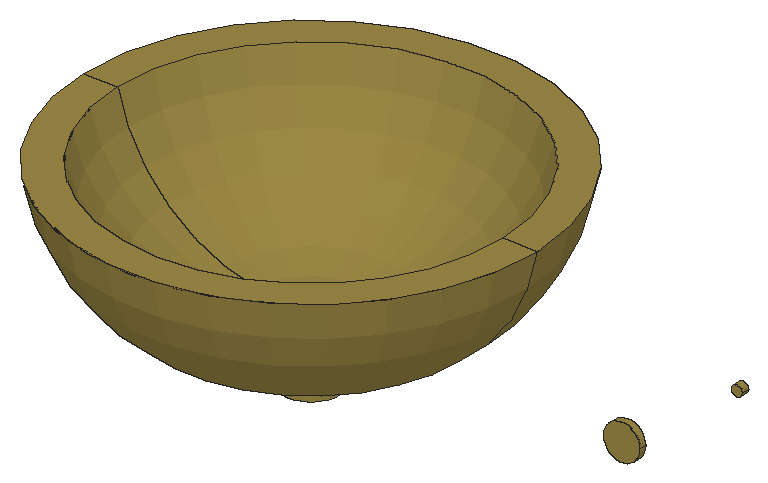
Revit family "Lavatory-Vessel_Transitional_LT162_TOTO", category Plumbing Fixtures, Revit 2013
Parameters (values of type "LT162")
  ecoScorecard_data = "http://toto.ecoscorecard.com/product/LT162"
  ecoScorecard Product Page = "http://toto.ecoscorecard.com/product/LT162"
  Width = 15 3/4"
  Waste Connection NPT Radius = 5/8"
  Waste Connection = yes
  Warranty URL = "http://www.totousa.com/warranty-registration"
  Warranty = "One Year Limited Warranty"  # constant formula
  WFU = 0
  URL = "http://www.totousa.com"
  Toto BIM Number = "BM-00024"  # constant formula
  Subcategory = "Lavatories"  # constant formula
  Style = "Transitional"  # constant formula
  Spec Sheet URL = "http://assets.totousa.com/product-files/SS-00413_LT162.pdf"
  Sink Type = "Lavatory"  # constant formula
  Sink Configuration = "Single Sink"  # constant formula
  Shipping Weight = 22.00 lbf
  Series = "Waza"  # constant formula
  SanoGloss Available = no
  Sanitary Connetor = "Sanitary Connection"  # constant formula
  Product Page URL = " "
  Parts Manual URL = " "
  Mounting = "Vessel"  # constant formula
  Model = "LT162"
  Material = "Fired Clay"  # constant formula
  Manufacturer Toll Free Phone = "1-888-295-8134"  # constant formula
  Manufacturer Phone = "(770) 282-8686"  # constant formula
  Manufacturer Fax = "(770) 282-0002"  # constant formula
  Manufacturer Email = "mailto:custservice@totousa.com"
  Manufacturer Address = "1155 Southern Road, Morrow, Georgia 30260"  # constant formula
  Manufacturer = "TOTO USA, Inc."  # constant formula
  Installation URL = " "
  Industry Standards = "Meets and exceeds ASME A112.19.2/CSA B45.1"  # constant formula
  Hot Water Connector = "Hot Water Connection"  # constant formula
  Hot Water Connection Radius = 3/16"
  Hot Water Connection Diameter = Hot Water Connection Radius * 2  # 3/8"
  Height = 6 7/8"
  HWFU = 0
  HW Connection = yes
  Finish = Fired Clay - TOTO - 72 Burnished Gold
  Diameter = 15 3/4"
  Description = "Vessel Lavatory"
  Depth = 15 3/4"
  Cost Info = "mailto:custservice@totousa.com"
  Color Availability = "#72 Burnished Gold, #74 Woodland Green"  # constant formula
  Cold Water Connector = "Cold Water Connection"  # constant formula
  Cold Water Connection Radius = 3/16"
  Cold Water Connection Diameter = Cold Water Connection Radius * 2  # 3/8"
  Code Compliance = "UPC, IPC, NSPC, NPC Canada, and others"  # constant formula
  Certifications = "IAPMO(cUPC), State of Massachusetts , City of Los Angeles, and others"  # constant formula
  CWFU = 0
  CW Connection = yes
  CAD Drawing URL = "http://assets.totousa.com/product-files/AD-00283_LT162.dxf"
  Basin Diameter = 14 3/4"
  Assembly Code = "D2010310"
  ADA Compliant = yes
  95 CSI = "15410"  # constant formula
  04 CSI = "22 42 16"  # constant formula
Reference planes (in)
  plane 1 "Center (Front/Back)": y = 0
  plane 2: z = 0
  plane 3 "Center (Left/Right)": x = 0
  plane 4 "Back": y = 7.875
  plane 5 "Front": y = -7.875
  plane 6: x = -7.875
  plane 7: x = 7.875
  plane 8: z = 0
  plane 9: z = 5.5
  plane 10: z = -1.375
  plane 11: y = 13.5
Dimensions and locks (in)
  "Depth": plane 5 "Front" to plane 4 "Back"
  equal spacing: plane 5 "Front", plane 1 "Center (Front/Back)", plane 4 "Back"
  equal spacing: plane 6, plane 3 "Center (Left/Right)", plane 7
  "Width": plane 6 to plane 7
  plane 8 to plane 2 = 0"
  "Height": plane 9 to plane 10
  locked: plane 8 to plane 10 at 1.375
  aligned and locked: level to plane 2
  aligned and locked: plane 1 "Center (Front/Back)" to nested 1
  aligned and locked: plane 3 "Center (Left/Right)" to nested 1
  aligned and locked: plane 11 to nested 1
  aligned and locked: nested 1 to plane 10
Nested families (in)
  nested 1: "LT162" at (0, 0, 0), type "LT162"
    with Distance From Wall 5 5/8"
Connectors (in)
  piping at (0, 13.75, -9.125), driven by "WFU", driven by "Waste Connection NPT Radius", driven by "Waste Connection", driven by "Waste Connection", driven by "Sanitary Connetor"
    settings: on nested 1, index 1, connector radius 5/8", flow factor 0, pipe flow 0 GPM, pressure drop 0.00 psi, fitting loss kfactor 0, connector angle 0.00°, fixture units 0, engagement length 0", flow configuration 3, flow direction 2, fitting loss method 0, system type 16, joint type 0, gender type 0, connector reference index -1, connector utility 1, adjustable connector yes, is connector primary yes, fitting loss table "", connector description "Sanitary Connection"
  piping at (-4, 13.75, -6.125), driven by "HWFU", driven by "HW Connection", driven by "HW Connection", driven by "Hot Water Connector", driven by "Hot Water Connection Radius"
    settings: on nested 1, index 2, connector radius 3/16", flow factor 0, pipe flow 0 GPM, pressure drop 0.00 psi, fitting loss kfactor 0, connector angle 0.00°, fixture units 0, engagement length 0", flow configuration 3, flow direction 1, fitting loss method 0, system type 19, joint type 0, gender type 0, connector reference index -1, connector utility 1, adjustable connector yes, is connector primary no, fitting loss table "", connector description "Hot Water Connection"
  piping at (4, 13.75, -6.125), driven by "CWFU", driven by "CW Connection", driven by "CW Connection", driven by "Cold Water Connector", driven by "Cold Water Connection Radius"
    settings: on nested 1, index 3, connector radius 3/16", flow factor 0, pipe flow 0 GPM, pressure drop 0.00 psi, fitting loss kfactor 0, connector angle 0.00°, fixture units 0, engagement length 0", flow configuration 3, flow direction 1, fitting loss method 0, system type 20, joint type 0, gender type 0, connector reference index -1, connector utility 1, adjustable connector yes, is connector primary no, fitting loss table "", connector description "Cold Water Connection"
Definition of nested family "LT162"
  Parameters (values of type "LT162")
    Width = 15 3/4"
    Waste Connection Radius = 5/8"
    Waste Connection = yes
    WFU = 0
    Vent Connection = yes
    URL = ""
    Nominal Radius = Diameter / 2  # 7 7/8"
    Model = ""
    Manufacturer = ""
    Lavatory Material = Fired Clay - TOTO - 72 Burnished Gold
    Hot Water Connection Radius = 3/16"
    Height = 6 7/8"  # constant formula
    HWFU = 0
    HW Connection = yes
    Distance From Wall [instance] = 5 5/8"
    Diameter = 15 3/4"  # constant formula
    Description = ""
    Depth = 15 3/4"
    Cold Water Connection Radius = 3/16"
    CWFU = 0
    CW Connection = yes
    Assembly Code = ""
  Reference planes (in)
    plane 1 "Center (Front/Back)": y = 0
    plane 2: z = 0
    plane 3 "Center (Left/Right)": x = 0
    plane 4: x = -7.875
    plane 5: x = 7.875
    plane 6: z = 5.5
    plane 7: z = -1.375
    plane 8: z = -6.125
    plane 9: x = 4
    plane 10: x = -4
    plane 11: z = -9.125
    plane 12: y = 7.875
    plane 13: y = -7.875
    plane 14 "Wall Closure": y = 13.5
    plane 15: z = -24.125
  Forms (in)
    Revolve 1, solid, material "Fired Clay - TOTO - 72 Burnished Gold" <- "Lavatory Material", detail levels fine
      sketch origin (0, 0, 0) x (1, 0, 0) y (0, 0, 1)
        loop
          line (0, 0) -> (0, 0.94978)
          arc (0, 0.94978) -> (-4.2588, 1.88328) -> (-6.69358, 5.5) r 5.85882
          line (-6.69358, 5.5) -> (-7.875, 5.5)
          arc (-7.875, 5.5) -> (-5.70983, 1.56503) -> (-1.5, 0) r 6.4446
          line (-1.5, 0) -> (0, 0)
        axis (0, 5.5) -> (0, 0)
      angle from 0 to 360
    Extrusion 2, void
      sketch origin (0, 0, 0) x (1, 0, 0) y (0, 1, 0)
        loop
          circle (0, 0) r 0.625
      from -1.375 to 5.5
    Extrusion 3, solid, material "Fired Clay - TOTO - 72 Burnished Gold" <- "Lavatory Material"
      sketch origin (0, 0, 0) x (1, 0, 0) y (0, 1, 0)
        loop
          circle (0, 0) r 1
      from -1.375 to 0
    Extrusion 4, solid, material "Fired Clay - TOTO - 72 Burnished Gold" <- "Lavatory Material"
      sketch origin (0, 0, 0) x (1, 0, 0) y (0, 0, 1)
        loop
          circle (-4, -6.125) r 0.1875
      from -13.75 to -13.5
    Extrusion 5, solid, material "Fired Clay - TOTO - 72 Burnished Gold" <- "Lavatory Material"
      sketch origin (0, 0, 0) x (1, 0, 0) y (0, 0, 1)
        loop
          circle (4, -6.125) r 0.1875
      from -13.75 to -13.5
    Extrusion 6, solid, material "Fired Clay - TOTO - 72 Burnished Gold" <- "Lavatory Material"
      sketch origin (0, 0, 0) x (1, 0, 0) y (0, 0, 1)
        loop
          circle (0, -9.125) r 0.625
      from -13.75 to -13.5
    Extrusion 7, void
      sketch origin (-21.875, -180, -1.375) x (-1, 0, 0) y (0, -1, 0)
        loop
          circle (-21.875, -180) r 0.625
      from 0 to 6.875
    Revolve 8, solid, material "Fired Clay - TOTO - 72 Burnished Gold" <- "Lavatory Material", detail levels coarse
      sketch origin (0, 0, 0) x (1, 0, 0) y (0, 0, 1)
        loop
          line (0, 0) -> (0, 5.5) -> (-7.875, 5.5) -> (-7.875, 0) -> (0, 0)
        axis (0, 5.5) -> (0, 0)
      angle from 0 to 360
    Revolve 9, solid, material "Fired Clay - TOTO - 72 Burnished Gold" <- "Lavatory Material", detail levels medium
      sketch origin (0, 0, 0) x (1, 0, 0) y (0, 0, 1)
        loop
          line (0, 0) -> (0, 0.87963)
          arc (0, 0.87963) -> (-4.17375, 1.99179) -> (-6.69358, 5.5) r 6.40821
          line (-6.69358, 5.5) -> (-7.875, 5.5)
          arc (-7.875, 5.5) -> (-5.70983, 1.56503) -> (-1.5, 0) r 6.4446
          line (-1.5, 0) -> (0, 0)
        axis (0, 0) -> (0, 5.5)
      angle from 0 to 360
  Cuts and joins
    Extrusion 2, Extrusion 7 cuts Revolve 1
    Extrusion 7 cuts Extrusion 3
  Lines and regions (in)
    symbolic lines
      curve 1: circle (0, 0, -1.375) r 7.875 normal (0, 0, 1)
      curve 2: line (-3.8125, 13.75, -1.375) -> (-4.1875, 13.75, -1.375)
      curve 3: line (-4.1875, 13.75, -1.375) -> (-4.1875, 13.5, -1.375)
      curve 4: line (-4.1875, 13.5, -1.375) -> (-3.8125, 13.5, -1.375)
      curve 5: line (-3.8125, 13.5, -1.375) -> (-3.8125, 13.75, -1.375)
      curve 6: line (0.625, 13.75, -1.375) -> (-0.625, 13.75, -1.375)
      curve 7: line (-0.625, 13.75, -1.375) -> (-0.625, 13.5, -1.375)
      curve 8: line (-0.625, 13.5, -1.375) -> (0.625, 13.5, -1.375)
      curve 9: line (0.625, 13.5, -1.375) -> (0.625, 13.75, -1.375)
      curve 10: line (4.1875, 13.75, -1.375) -> (3.8125, 13.75, -1.375)
      curve 11: line (3.8125, 13.75, -1.375) -> (3.8125, 13.5, -1.375)
      curve 12: line (3.8125, 13.5, -1.375) -> (4.1875, 13.5, -1.375)
      curve 13: line (4.1875, 13.5, -1.375) -> (4.1875, 13.75, -1.375)
      curve 16: line (-7.875, 0, 5.5) -> (7.875, 0, 5.5)
      curve 17: line (-1, 0, -1.375) -> (1, 0, -1.375)
      curve 18: line (1, 0, -1.375) -> (1, 0, 0)
      curve 19: line (-1, 0, -1.375) -> (-1, 0, 0)
      curve 20: line (-1, 0, 0) -> (1, 0, 0)
      curve 27: line (0, -7.875, 5.5) -> (0, 7.875, 5.5)
      curve 28: line (0, -1, 0) -> (0, 1, 0)
      curve 29: line (0, -1, -1.375) -> (0, 1, -1.375)
      curve 30: line (0, 1, -1.375) -> (0, 1, 0)
      curve 31: line (0, -1, 0) -> (0, -1, -1.375)
      curve 38: line (0, 13.5, -6.3125) -> (0, 13.75, -6.3125)
      curve 39: line (0, 13.5, -5.9375) -> (0, 13.5, -6.3125)
      curve 40: line (0, 13.75, -5.9375) -> (0, 13.5, -5.9375)
      curve 41: line (0, 13.75, -6.3125) -> (0, 13.75, -5.9375)
      curve 42: line (0, 13.75, -9.75) -> (0, 13.5, -9.75)
      curve 43: line (0, 13.75, -8.5) -> (0, 13.75, -9.75)
      curve 44: line (0, 13.5, -8.5) -> (0, 13.75, -8.5)
      curve 45: line (0, 13.5, -9.75) -> (0, 13.5, -8.5)
      curve 46: circle (-4, 0, -6.125) r 0.1875 normal (0, -1, 0)
      curve 47: circle (4, 0, -6.125) r 0.1875 normal (0, -1, 0)
      curve 48: circle (0, 0, -9.125) r 0.625 normal (0, -1, 0)
    symbolic lines, detail levels medium+fine
      curve 14: circle (0, 0, -1.375) r 6.69358 normal (0, 0, -1)
      curve 21: arc (1, 0, 0) -> (5.5269, 0, 1.38825) -> (7.875, 0, 5.5) r 6.42818
      curve 22: arc (-1, 0, 0) -> (-5.5269, 0, 1.38825) -> (-7.875, 0, 5.5) r 6.42818
      curve 36: arc (0, 7.875, 5.5) -> (0, 5.51238, 1.4064) -> (0, 1, 0) r 6.4916
      curve 37: arc (0, -7.875, 5.5) -> (0, -5.51238, 1.4064) -> (0, -1, 0) r 6.4916
    symbolic lines, detail levels fine
      curve 15: circle (0, 0, -1.375) r 0.625 normal (0, 0, 1)
    symbolic lines, detail levels coarse
      curve 23: line (7.875, 0, 0) -> (7.875, 0, 5.5)
      curve 24: line (-7.875, 0, 0) -> (-7.875, 0, 5.5)
      curve 25: line (-7.875, 0, 0) -> (-1, 0, 0)
      curve 26: line (1, 0, 0) -> (7.875, 0, 0)
      curve 32: line (0, -1, 0) -> (0, -7.875, 0)
      curve 33: line (0, -7.875, 0) -> (0, -7.875, 5.5)
      curve 34: line (0, 1, 0) -> (0, 7.875, 0)
      curve 35: line (0, 7.875, 0) -> (0, 7.875, 5.5)
  Dimensions and locks (in)
    locked: plane 11 to Extrusion 6 sketch curve at 0
    locked: plane 3 "Center (Left/Right)" to Extrusion 6 sketch curve at 0
    locked: plane 8 to Extrusion 4 sketch curve at 0
    locked: plane 10 to Extrusion 4 sketch curve at 0
    locked: plane 9 to Extrusion 5 sketch curve at 0.1875
    locked: plane 8 to Extrusion 5 sketch curve at 0
    equal spacing: plane 4, plane 3 "Center (Left/Right)", plane 5
    "Depth": plane 4 to plane 5
    "Width": plane 13 to plane 12
    equal spacing: plane 13, plane 1 "Center (Front/Back)", plane 12
    locked: plane 1 "Center (Front/Back)" to Extrusion 2 sketch curve at 0
    locked: plane 3 "Center (Left/Right)" to Extrusion 2 sketch curve at 0
    locked: plane 1 "Center (Front/Back)" to Extrusion 3 sketch curve at 0
    locked: plane 3 "Center (Left/Right)" to Extrusion 3 sketch curve at 0
    plane 12 to Extrusion 4 = 5 5/8"
    plane 12 to Extrusion 6 = 5 5/8"
    plane 12 to Extrusion 5 = 5 5/8"
    locked: plane 2 to plane 11 at 9.125
    locked: plane 2 to plane 8 at 6.125
    locked: plane 4 to plane 10 at 3.875
    locked: plane 9 to plane 5 at 3.875
    "Distance From Wall": plane 12 to plane 14 "Wall Closure"
    locked: plane 14 "Wall Closure" to Extrusion 5 at 0.25  (x2)
    locked: plane 14 "Wall Closure" to Extrusion 6 at 0.25
    locked: plane 14 "Wall Closure" to Extrusion 4 at 0.25
    "Height": plane 6 to plane 7
    locked: plane 6 to plane 2 at 5.5
    locked: plane 1 "Center (Front/Back)" to Extrusion 7 sketch curve at 0
    locked: plane 3 "Center (Left/Right)" to Extrusion 7 sketch curve at 0
    locked: cut or joined group of Revolve 1, Extrusion 2, Extrusion 7 to plane 7 at 2.25463  (x2)
    locked: plane 3 "Center (Left/Right)" to Revolve 1 sketch curve at 6.69358
    plane 4 to Revolve 1 sketch curve = 1.18142"
    locked: Revolve 1 sketch curve to plane 6 at 0
    locked: Revolve 1 sketch curve to plane 2 at 0  (x2)
    locked: Revolve 1 sketch curve to Revolve 1 sketch curve at 0.94978
    locked: plane 15 to plane 11 at 15
    "Waste Connection Radius": radius of Extrusion 6 sketch curve
    "Hot Water Connection Radius": radius of Extrusion 4 sketch curve
    "Cold Water Connection Radius": radius of Extrusion 5 sketch curve
    aligned: Extrusion 4 to plane 12
    aligned: Extrusion 6 to plane 12
    aligned: Extrusion 2 to level
    aligned: Extrusion 2 to Revolve 1
    aligned and locked: plane 7 to Extrusion 3
    aligned and locked: level to Extrusion 3
    aligned and locked: plane 14 "Wall Closure" to Extrusion 6
    aligned and locked: Extrusion 5 to Extrusion 6
    aligned and locked: Extrusion 4 to Extrusion 5
    aligned and locked: plane 7 to Extrusion 7
    aligned: level to Extrusion 7
    aligned and locked: plane 7 to Extrusion 2
    aligned and locked: Extrusion 2 to Extrusion 7
    aligned and locked: Extrusion 2 to plane 6
  Automatic sketch dimensions
    plane 4 to Revolve 1 sketch curve = 0"
    Revolve 1 sketch curve to plane 3 "Center (Left/Right)" = 0"  (x2)
    Revolve 1 sketch curve to plane 3 "Center (Left/Right)" = 1 1/2"
    Revolve 1 sketch curve to Revolve 1 sketch curve = 0.53497"
    plane 7 to Revolve 1 sketch curve = 1.78642"
    Revolve 1 sketch curve to Revolve 1 sketch curve = 0.93679"
    Revolve 8 sketch curve to level = 0"
    plane 4 to Revolve 8 sketch curve = 0"
    Revolve 8 sketch curve to plane 3 "Center (Left/Right)" = 0"  (x2)
    Revolve 8 sketch curve to plane 6 = 0"
    plane 7 to Revolve 8 sketch curve = 1.78642"
    Revolve 8 sketch curve to Revolve 8 sketch curve = 0.83858"
    curve 1 to curve 14 = 0"  (x2)
    curve 1 to curve 15 = 0"  (x2)
    curve 14 to curve 15 = 0"  (x2)
    plane 14 "Wall Closure" to curve 7 = 0"
    plane 14 "Wall Closure" to curve 13 = 0"
    plane 14 "Wall Closure" to curve 4 = 0"
    plane 1 "Center (Front/Back)" to curve 1 = 0"
    curve 14 to plane 3 "Center (Left/Right)" = 0"
    curve 11 to plane 14 "Wall Closure" = 1/4"
    curve 6 to plane 14 "Wall Closure" = 1/4"
    curve 5 to plane 14 "Wall Closure" = 1/4"
    curve 7 to plane 3 "Center (Left/Right)" = 5/8"
    curve 5 to plane 10 = 3/16"
    plane 10 to curve 3 = 3/16"
    plane 3 "Center (Left/Right)" to curve 9 = 5/8"
    plane 9 to curve 10 = 3/16"
    curve 13 to plane 9 = 3/16"
    plane 6 to curve 37 = 0"
    curve 37 to plane 13 = 0"
    plane 7 to curve 29 = 0"
    curve 37 to level = 0"
    curve 35 to plane 12 = 0"
    curve 38 to plane 14 "Wall Closure" = 0"
    curve 45 to plane 14 "Wall Closure" = 0"
    curve 37 to plane 6 = 0.97549"
    plane 1 "Center (Front/Back)" to curve 37 = 1.45711"
    curve 29 to plane 1 "Center (Front/Back)" = 1"
    curve 36 to plane 6 = 0.97549"
    curve 42 to curve 42 = 1/4"
    curve 41 to plane 14 "Wall Closure" = 1/4"
    curve 41 to plane 8 = 3/16"
    plane 8 to curve 38 = 3/16"
    curve 44 to plane 11 = 5/8"
    plane 11 to curve 42 = 5/8"
    plane 4 to curve 16 = 0"
    plane 10 to curve 46 = 0"
    curve 17 to plane 7 = 0"
    curve 20 to level = 0"
    curve 48 to plane 3 "Center (Left/Right)" = 0"
    plane 9 to curve 47 = 0"
    plane 5 to curve 23 = 0"
    curve 48 to plane 11 = 0"
    curve 22 to plane 6 = 0"
    curve 22 to plane 6 = 0.90781"
    curve 22 to plane 3 "Center (Left/Right)" = 1.51125"
    plane 3 "Center (Left/Right)" to curve 26 = 1"
    curve 21 to plane 6 = 0.90781"
    curve 47 to plane 8 = 0"
    curve 46 to plane 8 = 0"
    plane 4 to Revolve 9 sketch curve = 0"
    Revolve 9 sketch curve to plane 6 = 0"
    Revolve 9 sketch curve to level = 0"
    Revolve 9 sketch curve to plane 3 "Center (Left/Right)" = 0"  (x2)
    Revolve 9 sketch curve to Revolve 9 sketch curve = 1.18142"
    Revolve 9 sketch curve to plane 3 "Center (Left/Right)" = 1 1/2"
    Revolve 9 sketch curve to plane 3 "Center (Left/Right)" = 0.5334"
    level to Revolve 9 sketch curve = 0.87963"
    Revolve 9 sketch curve to Revolve 9 sketch curve = 0.39975"
    Revolve 9 sketch curve to Revolve 9 sketch curve = 7 1/4"
    radius of Extrusion 2 sketch curve = 5/8"
    radius of Extrusion 3 sketch curve = 1"
    radius of Extrusion 7 sketch curve = 5/8"
    radius of curve 1 = 7 7/8"
    radius of curve 14 = 6.69358"
    radius of curve 15 = 5/8"
    radius of curve 48 = 5/8"
    radius of curve 47 = 3/16"
    radius of curve 46 = 3/16"
